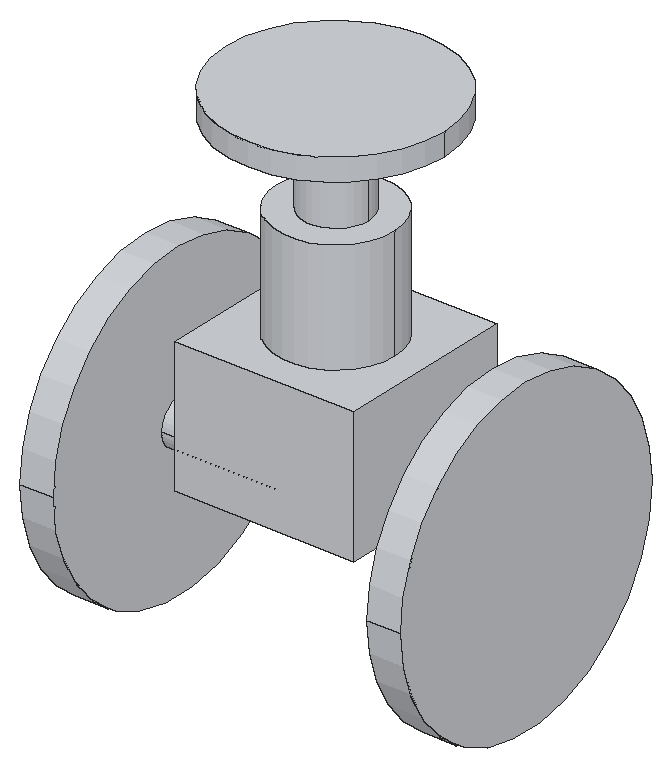
Revit family "a0b30f85dcbe4b0380f30a1c313c134c", category Pipe Accessories, Revit 2021
Family settings
  Round Connector Dimension = Use Radius
  Part Type = Valve - Breaks Into
  OmniClass Number = 23.65.55.14.17
  OmniClass Title = Adjusting/Controlling Valves for Liquid Services
  Seek Item ID = Diaphragm Valve - Weir Type - 0.5-12 Inch-0000-USA-ENU
  Work Plane-Based = No
  Always vertical = Yes
  Cut with Voids When Loaded = No
  Shared = No
Parameters (values of type "1/2"")
  Valve Material = none
  Symbol Width = 1 / 2 * (1 / 2 * Body Length + Flange Thickness)  # 0' - 1 1/16"
  Stem Radius = 0.3 * Hand Wheel Radius  # 0' - 0.36562"
  Overall Height = 0' - 3 15/16"
  Nominal Radius = 1/4"
  Nominal Diameter = Nominal Radius * 2  # 1/2"
  Neck Radius = 0.54 * Hand Wheel Radius  # 0' - 0.65813"
  Neck Height = 0' - 1 1/4"
  K Coefficient = 3.48
  Hand Wheel Thickness = 0' - 0 1/4"
  Hand Wheel Radius = 0' - 1 7/32"
  Hand Wheel Material = none
  Hand Wheel Diameter = Hand Wheel Radius * 2  # 0' - 2 7/16"
  Flange Thickness = 0' - 0 3/8"
  Flange Radius = 0' - 1 3/4"
  Flange Diameter = Flange Radius * 2  # 0' - 3 1/2"
  Default Elevation = 0' - 0"
  Bonnet Width = 0' - 2"
  Bonnet Length = 0' - 2"
  Bonnet Height = 0.38 * Overall Height  # 0' - 1.49625"
  Body Length = 0' - 3 1/2"
Types (14): name | Symbol Width | Stem Radius | Overall Height | Nominal Radius | Nominal Diameter | Neck Radius | Neck Height | K Coefficient | Hand Wheel Thickness | Hand Wheel Radius | Hand Wheel Diameter | Flange Thickness | Flange Radius | Flange Diameter | Bonnet Width | Bonnet Length | Bonnet Height | Body Length
  (no name) | 0' - 1 1/16" | 0' - 0.36562" | 0' - 3 15/16" | 1/4" | 1/2" | 0' - 0.65813" | 0' - 1 1/4" | 3.48 | 0' - 0 1/4" | 0' - 1 7/32" | 0' - 2 7/16" | 0' - 0 3/8" | 0' - 1 3/4" | 0' - 3 1/2" | 0' - 2" | 0' - 2" | 0' - 1.49625" | 0' - 3 1/2"
  1/2" | 0' - 1 1/16" | 0' - 0.36562" | 0' - 3 15/16" | 1/4" | 1/2" | 0' - 0.65813" | 0' - 1 1/4" | 3.48 | 0' - 0 1/4" | 0' - 1 7/32" | 0' - 2 7/16" | 0' - 0 3/8" | 0' - 1 3/4" | 0' - 3 1/2" | 0' - 2" | 0' - 2" | 0' - 1.49625" | 0' - 3 1/2"
  3/4" | 0' - 1 1/16" | 0' - 0.36562" | 0' - 3 5/8" | 3/8" | 3/4" | 0' - 0.65813" | 0' - 1" | 2.81 | 0' - 0 1/4" | 0' - 1 7/32" | 0' - 2 7/16" | 0' - 0 1/4" | 0' - 1 15/16" | 0' - 3 7/8" | 0' - 2 1/4" | 0' - 2 1/4" | 0' - 1.3775" | 0' - 3 3/4"
  1" | 0' - 1 1/4" | 0' - 0.525" | 0' - 4 1/4" | 1/2" | 1" | 0' - 0.945" | 0' - 1 1/4" | 8.9 | 0' - 0 5/16" | 0' - 1 3/4" | 0' - 3 1/2" | 0' - 0 7/16" | 0' - 2 1/8" | 0' - 4 1/4" | 0' - 2 3/8" | 0' - 2 3/8" | 0' - 1.615" | 0' - 4 1/8"
  1 1/4" | 0' - 1 7/16" | 0' - 0.7125" | 0' - 5 5/8" | 5/8" | 1 1/4" | 0' - 1.2825" | 0' - 1 1/2" | 2.26 | 0' - 0 1/2" | 0' - 2 3/8" | 0' - 4 3/4" | 0' - 0 1/2" | 0' - 2 5/16" | 0' - 4 5/8" | 0' - 2 3/4" | 0' - 2 3/4" | 0' - 2.1375" | 0' - 4 3/4"
  1 1/2" | 0' - 1 9/16" | 0' - 0.7125" | 0' - 6 3/16" | 3/4" | 1 1/2" | 0' - 1.2825" | 0' - 1 5/8" | 4.69 | 0' - 0 1/2" | 0' - 2 3/8" | 0' - 4 3/4" | 0' - 0 9/16" | 0' - 2 1/2" | 0' - 5" | 0' - 2 15/16" | 0' - 2 15/16" | 0' - 2.35125" | 0' - 5 1/8"
  2" | 0' - 1 7/8" | 0' - 0.7125" | 0' - 6 7/8" | 1" | 2" | 0' - 1.2825" | 0' - 1 7/8" | 4.71 | 0' - 0 1/2" | 0' - 2 3/8" | 0' - 4 3/4" | 0' - 0 5/8" | 0' - 3" | 0' - 6" | 0' - 3 1/2" | 0' - 3 1/2" | 0' - 2.6125" | 0' - 6 1/4"
  2 1/2" | 0' - 2 1/8" | 0' - 1.00312" | 0' - 8 7/8" | 1 1/4" | 2 1/2" | 0' - 1.80563" | 0' - 2 3/8" | 2.63 | 0' - 0 11/16" | 0' - 3 11/32" | 0' - 6 11/16" | 0' - 0 11/16" | 0' - 3 1/2" | 0' - 7" | 0' - 4" | 0' - 4" | 0' - 3.3725" | 0' - 7 1/8"
  3" | 0' - 2 1/2" | 0' - 1 23/64" | 0' - 9 9/16" | 1 1/2" | 3" | 0' - 2.44687" | 0' - 2 1/2" | 2.81 | 0' - 0 15/16" | 0' - 4 17/32" | 0' - 9 1/16" | 0' - 0 3/4" | 0' - 3 3/4" | 0' - 7 1/2" | 0' - 4 3/4" | 0' - 4 3/4" | 0' - 3.63375" | 0' - 8 1/2"
  4" | 0' - 3" | 0' - 1.65" | 1' - 0 1/8" | 2" | 4" | 0' - 2.97" | 0' - 3 3/16" | 3.37 | 0' - 1 1/8" | 0' - 5 1/2" | 0' - 11" | 0' - 0 15/16" | 0' - 4 1/2" | 0' - 9" | 0' - 5 5/8" | 0' - 5 5/8" | 0' - 4.6075" | 0' - 10 1/8"
  6" | 0' - 4" | 0' - 2.175" | 1' - 5 3/8" | 3" | 6" | 0' - 3.915" | 0' - 4 5/8" | 2.95 | 0' - 1 1/2" | 0' - 7 1/4" | 1' - 2 1/2" | 0' - 1" | 0' - 5 1/2" | 0' - 11" | 0' - 7 1/2" | 0' - 7 1/2" | 0' - 6.6025" | 1' - 2"
  8" | 0' - 5 1/8" | 0' - 2.55" | 1' - 7 1/2" | 4" | 8" | 0' - 4.59" | 0' - 5 1/16" | 2.76 | 0' - 1 15/16" | 0' - 8 1/2" | 1' - 5" | 0' - 1 1/8" | 0' - 6 3/4" | 1' - 1 1/2" | 0' - 9 5/8" | 0' - 9 5/8" | 0' - 7.41" | 1' - 6 1/4"
  10" | 0' - 6 1/4" | 0' - 3.45" | 1' - 10 7/8" | 5" | 10" | 0' - 6.21" | 0' - 5 15/16" | 2.95 | 0' - 2 3/8" | 0' - 11 1/2" | 1' - 11" | 0' - 1 3/16" | 0' - 8" | 1' - 4" | 0' - 11 3/4" | 0' - 11 3/4" | 0' - 8.6925" | 1' - 10 5/8"
  12" | 0' - 7 3/8" | 0' - 4 1/8" | 2' - 2 3/4" | 6" | 12" | 0' - 7.425" | 0' - 6 7/8" | 3.34 | 0' - 2 13/16" | 1' - 1 3/4" | 2' - 3 1/2" | 0' - 1 1/4" | 0' - 8 1/2" | 1' - 5" | 1' - 1 7/8" | 1' - 1 7/8" | 0' - 10.165" | 2' - 3"
Reference planes (in)
  plane 1 "Center (Front/Back)": y = 0
  plane 2: z = 0
  plane 3 "Center (Left/Right)": x = 0
  plane 4: x = -1.75
  plane 5: x = 1.75
  plane 6: x = -2.125
  plane 7: x = 2.125
  plane 8: x = -1
  plane 9: x = 1
  plane 10: y = -1
  plane 11: y = 1
  plane 12: z = 1.49625
  plane 13: z = 2.74625
  plane 14: z = 3.9375
  plane 15: z = 3.6875
  plane 16: y = 1.0625
  plane 17: y = -1.0625
Forms (in)
  Extrusion 1, solid, material <- "Valve Material", detail levels fine
    sketch origin (0, 0, 0) x (0, 1, 0) y (0, 0, 1)
      loop
        circle (0, 0) r 0.25
    from -1.75 to 1.75
  Extrusion 2, solid, material <- "Valve Material", detail levels fine
    sketch origin (0, 0, 0) x (0, 1, 0) y (0, 0, 1)
      loop
        circle (0, 0) r 1.75
    from -2.125 to -1.75
  Extrusion 3, solid, material <- "Valve Material", detail levels fine
    sketch origin (0, 0, 0) x (0, 1, 0) y (0, 0, 1)
      loop
        circle (0, 0) r 1.75
    from 1.75 to 2.125
  Extrusion 4, solid, material <- "Valve Material", detail levels fine
    sketch origin (0, 0, 0) x (1, 0, 0) y (0, 1, 0)
      loop
        line (-1, 1) -> (-1, -1) -> (1, -1) -> (1, 1) -> (-1, 1)
    from 0 to 1.49625
  Extrusion 5, solid, material <- "Valve Material", detail levels fine
    sketch origin (0, 0, 0) x (1, 0, 0) y (0, 1, 0)
      loop
        circle (0, 0) r 0.65813
    from 1.49625 to 2.74625
  Extrusion 6, solid, material <- "Valve Material", detail levels fine
    sketch origin (0, 0, 0) x (1, 0, 0) y (0, 1, 0)
      loop
        circle (0, 0) r 0.36563
    from 2.74625 to 3.6875
  Extrusion 7, solid, material <- "Hand Wheel Material", detail levels fine
    sketch origin (0, 0, 0) x (1, 0, 0) y (0, 1, 0)
      loop
        circle (0, 0) r 1.21875
    from 3.6875 to 3.9375
Cuts and joins
  joined: Extrusion 1, Extrusion 2, Extrusion 3, Extrusion 4, Extrusion 5, Extrusion 6
Lines and regions (in)
  model lines, detail levels coarse+medium
    curve 1: line (-2.125, -1.0625, 0) -> (0, 1.0625, 0)
    curve 2: line (0, 1.0625, 0) -> (2.125, -1.0625, 0)
    curve 3: line (-2.125, 1.0625, 0) -> (-2.125, -1.0625, 0)
    curve 4: line (-2.125, 1.0625, 0) -> (2.125, 1.0625, 0)
    curve 5: line (2.125, 1.0625, 0) -> (2.125, -1.0625, 0)
Dimensions and locks (in)
  equal spacing: plane 4, plane 3 "Center (Left/Right)", plane 5
  "Body Length": plane 4 to plane 5
  "Flange Thickness": plane 6 to plane 4
  "Flange Thickness": plane 5 to plane 7
  equal spacing: plane 8, plane 3 "Center (Left/Right)", plane 9
  "Bonnet Length": plane 8 to plane 9
  equal spacing: plane 11, plane 1 "Center (Front/Back)", plane 10
  "Bonnet Width": plane 11 to plane 10
  "Bonnet Height": plane 12 to plane 2
  "Neck Height": plane 13 to plane 12
  "Overall Height": plane 14 to plane 2
  "Hand Wheel Thickness": plane 14 to plane 15
  "Symbol Width": plane 1 "Center (Front/Back)" to plane 16
  "Symbol Width": plane 1 "Center (Front/Back)" to plane 17
  "Nominal Radius": radius of Extrusion 1 sketch curve
  "Flange Radius": radius of Extrusion 2 sketch curve
  "Flange Radius": radius of Extrusion 3 sketch curve
  "Neck Radius": radius of Extrusion 5 sketch curve
  "Stem Radius": radius of Extrusion 6 sketch curve
  "Hand Wheel Radius": radius of Extrusion 7 sketch curve
  aligned and locked: plane 2 to Extrusion 1 sketch curve
  aligned and locked: plane 1 "Center (Front/Back)" to Extrusion 1 sketch curve
  aligned and locked: Extrusion 1 to plane 4
  aligned and locked: plane 5 to Extrusion 1
  aligned and locked: plane 2 to Extrusion 2 sketch curve
  aligned and locked: plane 1 "Center (Front/Back)" to Extrusion 2 sketch curve
  aligned and locked: Extrusion 2 to plane 6
  aligned and locked: plane 4 to Extrusion 2
  aligned and locked: plane 2 to Extrusion 3 sketch curve
  aligned and locked: plane 1 "Center (Front/Back)" to Extrusion 3 sketch curve
  aligned and locked: Extrusion 3 to plane 5
  aligned and locked: plane 7 to Extrusion 3
  aligned and locked: plane 8 to Extrusion 4 sketch curve
  aligned and locked: Extrusion 4 sketch curve to plane 11
  aligned and locked: plane 10 to Extrusion 4 sketch curve
  aligned and locked: Extrusion 4 sketch curve to plane 9
  aligned and locked: Extrusion 4 to plane 2
  aligned and locked: plane 12 to Extrusion 4
  aligned and locked: plane 1 "Center (Front/Back)" to Extrusion 5 sketch curve
  aligned and locked: plane 3 "Center (Left/Right)" to Extrusion 5 sketch curve
  aligned and locked: Extrusion 5 to plane 12
  aligned and locked: plane 13 to Extrusion 5
  aligned and locked: plane 1 "Center (Front/Back)" to Extrusion 6 sketch curve
  aligned and locked: plane 3 "Center (Left/Right)" to Extrusion 6 sketch curve
  aligned and locked: Extrusion 6 to plane 13
  aligned and locked: plane 15 to Extrusion 6
  aligned and locked: plane 1 "Center (Front/Back)" to Extrusion 7 sketch curve
  aligned and locked: plane 3 "Center (Left/Right)" to Extrusion 7 sketch curve
  aligned and locked: Extrusion 7 to plane 15
  aligned and locked: plane 14 to Extrusion 7
  aligned and locked: plane 16 to curve 1
  aligned and locked: plane 3 "Center (Left/Right)" to curve 1
  aligned and locked: plane 17 to curve 1
  aligned and locked: plane 6 to curve 1
  aligned and locked: plane 7 to curve 2
  aligned and locked: curve 3 to plane 6
  aligned and locked: plane 7 to curve 4
  aligned and locked: curve 4 to plane 16
  aligned and locked: plane 17 to curve 5
Connectors (in)
  piping at (-2.125, 0, 0), diameter 0.5, driven by "Nominal Radius"
    settings: on cut or joined group of Extrusion 1, Extrusion 2, Extrusion 3, Extrusion 4, Extrusion 5, Extrusion 6, index 1, connector inside diameter 1/2", connector length 0' - 0", flow factor 0, pipe flow 0 GPM, pressure drop 0.00 psi, fitting loss kfactor 0, connector angle 0.00°, fixture units 0, engagement length 0' - 0", angle of deflection 0.00°, flow configuration 0, flow direction 0, fitting loss method 2, system type 29, joint type 0, gender type 0, connector reference index 2, connector utility 0, adjustable connector no, is connector primary yes, connector description ""
  piping at (2.125, 0, 0), diameter 0.5, driven by "K Coefficient", driven by "Nominal Radius"
    settings: on cut or joined group of Extrusion 1, Extrusion 2, Extrusion 3, Extrusion 4, Extrusion 5, Extrusion 6, index 2, connector inside diameter 1/2", connector length 0' - 0", flow factor 0, pipe flow 0 GPM, pressure drop 0.00 psi, fitting loss kfactor 3.48, connector angle 0.00°, fixture units 0, engagement length 0' - 0", angle of deflection 0.00°, flow configuration 0, flow direction 0, fitting loss method 2, system type 29, joint type 0, gender type 0, connector reference index 1, connector utility 0, adjustable connector no, is connector primary no, connector description ""
